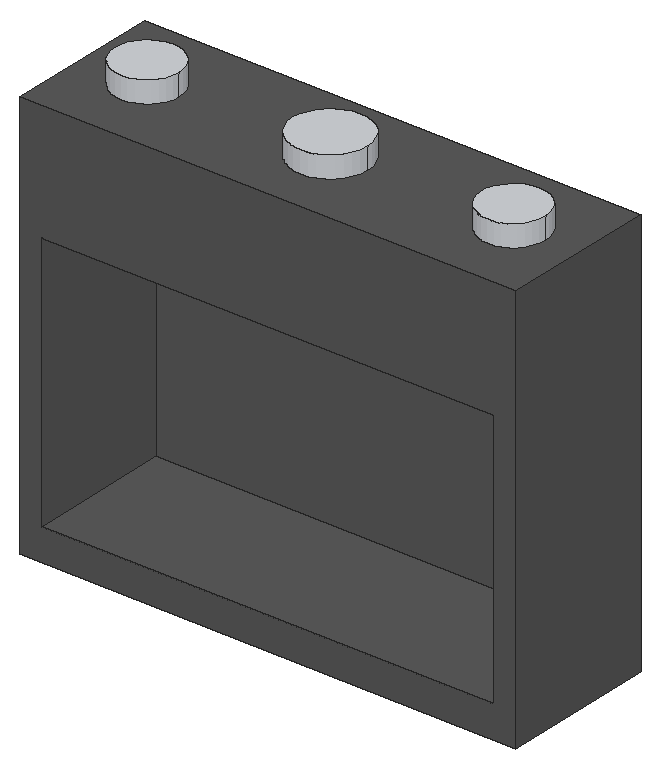
Revit family "montigo-commercial-single-sided-low-profile-fireplace-BF84", category Generic Models, Revit 2019
Family settings
  Can host rebar = No
  Round Connector Dimension = Use Diameter
  Part Type = Normal
  Work Plane-Based = No
  Always vertical = Yes
  Cut with Voids When Loaded = No
  Shared = No
  Room Calculation Point = No
Parameters
  URL = "https://www.montigo.com/"
  Model = ""
  Manufacturer Fax = ""
  Manufacturer Website = "https://www.montigo.com/"
  Manufacturer Phone - Toll Free = "800-378-3115"
  Manufacturer Phone = ""
  Manufacturer Address = "27342 Gloucester Way  Langley, BC, Canada   V4W 4A1"
  Manufacturer = "Montigo"
  Keynote = ""
  Glazing Tint = Glass - Montigo - Tint as Specified
  Frame Material = Metal - Montigo - Black
  Firebox Material = Metal - Montigo - White
  Description = "Montigo Fireplace as Specified"
Reference planes (in)
  plane 1 "Center (Front/Back)": y = 0
  plane 2: z = 0
  plane 3 "Center (Left/Right)": x = 0
Forms (in)
  Extrusion 1, solid, material "Metal - Montigo - Black" <- "Frame Material"
    sketch origin (15, -15, 0) x (1, 0, 0) y (0, 1, 0)
      loop
        line (-61, 29.5) -> (-61, 0.5) -> (31, 0.5) -> (31, 29.5) -> (-61, 29.5)
    from 0 to 76
  Extrusion 2, solid
    sketch origin (0, 0, 0) x (1, 0, 0) y (0, 1, 0)
      loop
        circle (0, 0) r 6.875
      loop
        circle (-34, -0.0025) r 5.94
      loop
        circle (34, 0) r 5.9375
    from 76 to 80
  Extrusion 3, void
    sketch origin (19.1875, -6.15625, 0) x (-1, 0, 0) y (0, 0, -1)
      loop
        line (61.1875, -54) -> (61.1875, -6) -> (-22.8125, -6) -> (-22.8125, -54) -> (61.1875, -54)
    from -18.24874 to 8.34375
Cuts and joins
  Extrusion 3 cuts Extrusion 1
Dimensions and locks (in)
  radius of Extrusion 2 sketch curve = 6 7/8"
  diameter of Extrusion 2 sketch curve = 13 3/4"
  diameter of Extrusion 2 sketch curve = 11.88"
  diameter of Extrusion 2 sketch curve = 11 7/8"
  aligned and locked: level to plane 2
Connectors (in)
  hvac at (0, 0, 80)
    settings: on Extrusion 2, index 2, duct flow 0.0 L/s, flow factor 0, pres drop 0.0 Pa, loss coef 0, conn angle 0.00°, conn width 304.8 mm, conn height 304.8 mm, conn diameter 349.25 mm, duct sys type 3, conn prof type 0, flow config 0, flow direction 0, loss method 0, conn ref index -1, conn util no, is conn primary yes, conn desc ""
  hvac at (-34, -0.0025, 80)
    settings: on Extrusion 2, index 3, duct flow 0.0 L/s, flow factor 0, pres drop 0.0 Pa, loss coef 0, conn angle 0.00°, conn width 304.8 mm, conn height 304.8 mm, conn diameter 301.724 mm, duct sys type 3, conn prof type 0, flow config 0, flow direction 0, loss method 0, conn ref index -1, conn util no, is conn primary no, conn desc ""
  hvac at (34, 0, 80)
    settings: on Extrusion 2, index 4, duct flow 0.0 L/s, flow factor 0, pres drop 0.0 Pa, loss coef 0, conn angle 0.00°, conn width 304.8 mm, conn height 304.8 mm, conn diameter 301.724 mm, duct sys type 3, conn prof type 0, flow config 0, flow direction 0, loss method 0, conn ref index -1, conn util no, is conn primary no, conn desc ""
